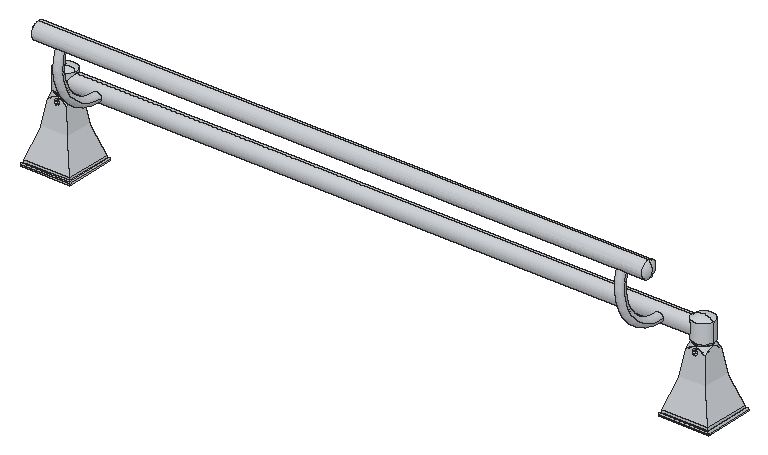
Revit family "Accessory-Towel_Bar-KOHLER-MEMOIRS-K-37355T", category Specialty Equipment, host Face, Revit 2017
Family settings
  Host = Face
  Round Connector Dimension = Use Diameter
  Part Type = Normal
  OmniClass Number = 23.31.25.25
  OmniClass Title = Towel Bars
  Cut with Voids When Loaded = No
  Shared = No
  Room Calculation Point = No
Parameters (values of type "CP-Polished Chrome")
  Width = 25.47244"  # constant formula
  WaterSense Certified = 1 = 0  # no
  URL = "http://www.kohler.com.cn/"
  Type = 1
  Product Page URL = "https://www.kohler.com.cn/product/K-37355T-CP/K-37355T-CP/"
  Product Name = "MEMOIRS"  # constant formula
  Product Documentation Link = "https://files.kohler.com.cn/pdfs/k_37352t_35355t.pdf"
  Model = if(Type = 1, "K-37355T-CP", if(Type = 2, "K- 37355T-AF", if(Type = 3, "K-37355T-BN", if(Type = 4, "K-37355T-RGD", if(Type = 5, "K-37355T-BL", "NA")))))  # "K-37355T-CP"
  Material = "Premium Metal Construction"  # constant formula
  Master Format 2014 Name = "Toilet, Bath, and Laundry Accessories"  # constant formula
  Master Format 2014 = "10 28 00"  # constant formula
  Manufacturer Address = "Kohler Beijing Office (100016)36-2-03-B, No. 88, Liuxiang Road, Beijing"  # constant formula
  Manufacturer = "KOHLER Co."  # constant formula
  Length = 5.74803"  # constant formula
  Height = 3.11024"  # constant formula
  Finish = Kohler-Metal-CP-Polished_Chrome
  Environmental Product Declaration = ""
  Description = "24 INCH DOUBLE TOWEL BAR"  # constant formula
  Default Elevation = 42"
  Declare Label = ""
  Date Modified = "09/05/2020"  # constant formula
  Date Created = "09/05/2020"  # constant formula
  Copyright = "Copyright KOHLER Co."  # constant formula
  Contact Us = "https://www.us.kohler.com/us/static/contact.jsp"
  Assembly Code = "C1030200"
  ADA Compliant = 1 = 0  # no
Types (6): name | Type | Product Page URL | Model | Finish | Default Elevation | Contact Us
  (no name) | 1 | "https://www.kohler.com.cn/product/K-37355T-CP/K-37355T-CP/" | "K-37355T-CP" | Kohler-Metal-CP-Polished_Chrome | 42" | "https://www.us.kohler.com/us/static/contact.jsp"
  CP-Polished Chrome | 1 | "https://www.kohler.com.cn/product/K-37355T-CP/K-37355T-CP/" | "K-37355T-CP" | Kohler-Metal-CP-Polished_Chrome | 42" | "https://www.us.kohler.com/us/static/contact.jsp"
  AF-Flange Gold | 2 | "https://www.kohler.com.cn/product/K-37355T-CP/K-37355T-AF/" | "K- 37355T-AF" | Kohler-Metal-AF-Vibrant_French_Gold | 42" | "https://www.us.kohler.com/us/static/contact.jsp"
  BN-Roman Silver | 3 | "https://www.kohler.com.cn/product/K-37355T-CP/K-37355T-BN/" | "K-37355T-BN" | Kohler-Metal-BN-Vibrant_Brushed_Nickel | 42" | "https://www.us.kohler.com/us/static/contact.jsp"
  RGD-Rose Gold | 3 | "https://www.kohler.com.cn/product/K-37355T-CP/K-37355T-RGD/" | "K-37355T-BN" | Kohler-Metal-RGD-Polished_Rose_Gold | 36" | "http://www.kohler.com.cn/contact/contact-us/"
  BL-Primary Black | 5 | "https://www.kohler.com.cn/product/K-37355T-CP/K-37355T-BL/" | "K-37355T-BL" | Kohler-Metal-BL-Matte_Black | 42" | "https://www.us.kohler.com/us/static/contact.jsp"
Reference planes (in)
  plane 1 "Center (Front/Back)": y = 0
  plane 2: z = 0
  plane 3 "Center (Left/Right)": x = 0
  plane 4: x = -12.73602
  plane 5: x = -11.81102
  plane 6: x = 11.81102
  plane 7: x = 12.73642
  plane 8: y = -2.18544
  plane 9: y = 0.92479
  plane 10: x = -10.88602
  plane 11: y = -0.925
  plane 12: y = 0.925
  plane 13: z = 5.74803
  plane 14: y = -0.925
  plane 15: x = -10.88602
  plane 16: x = 10.88602
Dimensions and locks (in)
  plane 5 to plane 6 = 23.62205"
  "Width": plane 4 to plane 7
  "Height": plane 9 to plane 8
  locked: plane 4 to plane 10 at 1.85
  locked: plane 11 to plane 12 at 1.85
  "Length": plane 13 to level
  aligned and locked: plane 2 to host face
  aligned and locked: level to host face
Automatic sketch dimensions
  host sketch curve to host sketch curve = 96"  (x2)
Nested families (in)
  nested 1: "K-37355T" at (0, 0, 0), type "K-37355T"
Definition of nested family "K-37355T"
  Parameters (values of type "K-37355T")
    Material = none
  Reference planes (in)
    plane 1 "Center (Front/Back)": y = 0
    plane 2: z = 0
    plane 3 "Center (Left/Right)": x = 0
    plane 4: x = -12.73602
    plane 5: x = 12.73602
    plane 6 "Left Plane": x = -11.81102
    plane 7 "Right plane": x = 11.81102
    plane 8: y = 0.925
    plane 9: y = -2.18544
    plane 10: y = -0.925
    plane 11: x = -10.88602
    plane 12: z = 5.74803
    plane 13 "plane3": x = -10.39701
    plane 14 "Plane4": y = -1.88393
  Forms (in)
    Sweep 1, solid, material <- "Material", detail levels medium+fine
      path origin (0, 0, 0) x (1, 0, 0) y (0, 1, 0)
        loop
          line (-12.73602, 0.925) -> (-12.73602, -0.925) -> (-10.88602, -0.925) -> (-10.88602, 0.925) -> (-12.73602, 0.925)
      profile origin (-11.81102, 0.925, 0) x (0, 1, 0) y (0, 0, 1)
        loop
          line (0, 0) -> (0, 0.04016)
          arc (0, 0.04016) -> (-0.00807, 0.07834) -> (-0.0309, 0.11) r 0.09439
          line (-0.0309, 0.11) -> (-0.08, 0.11) -> (-0.08, 0.19)
          arc (-0.08, 0.19) -> (-0.43277, 1.2708) -> (-0.565, 2.4) r 5.72494
          line (-0.565, 2.4) -> (-0.81932, 2.4) -> (-0.81932, 0) -> (0, 0)
    Revolve 2, void, detail levels medium+fine
      sketch origin (-11.81102, 0, 0) x (0, -1, 0) y (0, 0, 1)
        loop
          line (0.72406, 2.4) -> (0.36, 2.4)
          arc (0.36, 2.4) -> (0.50711, 2.18305) -> (0.72406, 2.03594) r 0.69572
          line (0.72406, 2.03594) -> (0.72406, 2.4)
        axis (0, 2.4) -> (0, 2.03594)
      angle from 0 to 360
    Extrusion 3, solid, material <- "Material", detail levels medium+fine
      sketch origin (0, 0, 0) x (1, 0, 0) y (0, 1, 0)
        loop
          line (-11.9167, 0.10568) -> (-11.9167, -0.10568) -> (-11.70534, -0.10568) -> (-11.70534, 0.10568) -> (-11.9167, 0.10568)
      from 0 to 2.4
    Revolve 4, solid, material <- "Material", detail levels medium+fine
      sketch origin (0, 0, 0) x (1, 0, 0) y (0, 0, 1)
        loop
          line (-11.81102, 2.4) -> (-11.81102, 3.30553)
          arc (-11.81102, 3.30553) -> (-12.01662, 3.2749) -> (-12.2047, 3.18637) r 0.71431
          line (-12.2047, 3.18637) -> (-12.2047, 2.49838) -> (-12.10632, 2.4) -> (-11.81102, 2.4)
        axis (-11.81102, 3.30553) -> (-11.81102, 2.4)
      angle from 0 to 360
    Revolve 5, solid, material <- "Material"
      sketch origin (0, 0, 0) x (1, 0, 0) y (0, 0, 1)
        loop
          line (-11.81102, 3.14339) -> (-11.81102, 2.83595) -> (0.39474, 2.83595) -> (11.81102, 2.83595) -> (11.81102, 3.14339) -> (-11.81102, 3.14339)
        axis (-11.81102, 2.83595) -> (11.81102, 2.83595)
      angle from 0 to 360
    Sweep 6, solid, material <- "Material"
      path origin (-10.39701, 0, 0) x (0, -1, 0) y (0, 0, 1)
        loop
          arc (0.30207, 2.83237) -> (1.75141, 3.5755) -> (1.97501, 5.18883) r 1.76477
      profile origin (-10.39701, -1.75141, 3.5755) x (0, 0.815406, 0.57889) y (-1, 0, 0)
        loop
          circle (0, 0) r 0.16177
    Revolve 7, solid, material <- "Material", detail levels medium+fine
      sketch origin (0, -1.88393, 0) x (-1, 0, 0) y (0, 0, 1)
        loop
          line (11.29252, 5.73685) -> (-11.29252, 5.73685)
          arc (-11.29252, 5.73685) -> (-11.38495, 5.5936) -> (-11.41519, 5.42582) r 0.4348
          line (-11.41519, 5.42582) -> (11.41519, 5.42582)
          arc (11.41519, 5.42582) -> (11.38495, 5.5936) -> (11.29252, 5.73685) r 0.4348
        axis (11.41519, 5.42582) -> (-11.41519, 5.42582)
      angle from 0 to 360
    Revolve 8, void
      sketch origin (-11.81102, 0, 0) x (0, -1, 0) y (0, 0, 1)
        loop
          line (0.2257, 2.26821) -> (0.2257, 2.20002) -> (0.39451, 2.20002) -> (0.39451, 2.32455) -> (0.33817, 2.26821) -> (0.2257, 2.26821)
        axis (0.39451, 2.20002) -> (0.2257, 2.20002)
      angle from 0 to 360
    Sweep 9, solid, material <- "Material", detail levels medium+fine
      path origin (23.62205, 0, 0) x (1, 0, 0) y (0, 1, 0)
        loop
          line (-12.73602, 0.925) -> (-12.73602, -0.925) -> (-10.88602, -0.925) -> (-10.88602, 0.925) -> (-12.73602, 0.925)
      profile origin (11.81102, 0.925, 0) x (0, 1, 0) y (0, 0, 1)
        loop
          line (0, 0) -> (0, 0.04016)
          arc (0, 0.04016) -> (-0.00807, 0.07834) -> (-0.0309, 0.11) r 0.09439
          line (-0.0309, 0.11) -> (-0.08, 0.11) -> (-0.08, 0.19)
          arc (-0.08, 0.19) -> (-0.43277, 1.2708) -> (-0.565, 2.4) r 5.72494
          line (-0.565, 2.4) -> (-0.81932, 2.4) -> (-0.81932, 0) -> (0, 0)
    Revolve 10, void, detail levels medium+fine
      sketch origin (11.81102, 0, 0) x (0, -1, 0) y (0, 0, 1)
        loop
          line (0.72406, 2.4) -> (0.36, 2.4)
          arc (0.36, 2.4) -> (0.50711, 2.18305) -> (0.72406, 2.03594) r 0.69572
          line (0.72406, 2.03594) -> (0.72406, 2.4)
        axis (0, 2.4) -> (0, 2.03594)
      angle from 0 to 360
    Extrusion 11, solid, material <- "Material", detail levels medium+fine
      sketch origin (23.62205, 0, 0) x (1, 0, 0) y (0, 1, 0)
        loop
          line (-11.9167, 0.10568) -> (-11.9167, -0.10568) -> (-11.70534, -0.10568) -> (-11.70534, 0.10568) -> (-11.9167, 0.10568)
      from 0 to 2.4
    Revolve 12, solid, material <- "Material", detail levels medium+fine
      sketch origin (23.62205, 0, 0) x (1, 0, 0) y (0, 0, 1)
        loop
          line (-11.81102, 2.4) -> (-11.81102, 3.30553)
          arc (-11.81102, 3.30553) -> (-12.01662, 3.2749) -> (-12.2047, 3.18637) r 0.71431
          line (-12.2047, 3.18637) -> (-12.2047, 2.49838) -> (-12.10632, 2.4) -> (-11.81102, 2.4)
        axis (-11.81102, 3.30553) -> (-11.81102, 2.4)
      angle from 0 to 360
    Revolve 13, void
      sketch origin (11.81102, 0, 0) x (0, -1, 0) y (0, 0, 1)
        loop
          line (0.2257, 2.26821) -> (0.2257, 2.20002) -> (0.39451, 2.20002) -> (0.39451, 2.32455) -> (0.33817, 2.26821) -> (0.2257, 2.26821)
        axis (0.39451, 2.20002) -> (0.2257, 2.20002)
      angle from 0 to 360
    Sweep 14, solid, material <- "Material"
      path origin (10.39701, 0, 0) x (0, -1, 0) y (0, 0, -1)
        loop
          arc (0.30207, -2.83237) -> (1.75141, -3.5755) -> (1.97501, -5.18883) r 1.76477
      profile origin (10.39701, -1.75141, 3.5755) x (0, -0.815406, -0.57889) y (1, 0, 0)
        loop
          circle (0, 0) r 0.16177
    Blend 15, solid, material <- "Material", detail levels coarse
      base sketch origin (0, 0, 0) x (1, 0, 0) y (0, 1, 0)
        loop
          line (-12.73616, 0.92514) -> (-12.73616, -0.92514) -> (-10.88588, -0.92514) -> (-10.88588, 0.92514) -> (-12.73616, 0.92514)
      top sketch origin (0, 0, 0) x (1, 0, 0) y (0, 1, 0)
        loop
          line (-12.23257, 0.42155) -> (-12.23257, -0.42155) -> (-11.38947, -0.42155) -> (-11.38947, 0.42155) -> (-12.23257, 0.42155)
      from 0 to 2.4
    Revolve 16, solid, material <- "Material", detail levels coarse
      sketch origin (0, 0, 0) x (1, 0, 0) y (0, 0, 1)
        loop
          line (-11.81102, 2.4) -> (-11.81102, 3.30684) -> (-12.2047, 3.30684) -> (-12.2047, 2.4) -> (-11.81102, 2.4)
        axis (-11.81102, 2.4) -> (-11.81102, 3.30684)
      angle from 0 to 360
    Extrusion 17, solid, material <- "Material", detail levels coarse
      sketch origin (-10.39701, 0, 0) x (0, -1, 0) y (0, 0, 1)
        loop
          circle (1.88393, 5.42582) r 0.31102
      from -22.20804 to 1.41401
    Sweep 18, solid, material <- "Material", detail levels coarse
      path origin (-10.39701, 0, 0) x (0, -1, 0) y (0, 0, 1)
        loop
          arc (1.97501, 5.18883) -> (1.76764, 3.56397) -> (0.30207, 2.83237) r 1.73887
      profile origin (-10.39701, -1.76764, 3.56397) x (0, -0.815406, -0.57889) y (-1, 0, 0)
        loop
          circle (0, 0) r 0.29845
    Blend 19, solid, material <- "Material", detail levels coarse
      base sketch origin (23.62205, 0, 0) x (1, 0, 0) y (0, 1, 0)
        loop
          line (-12.73616, 0.92514) -> (-12.73616, -0.92514) -> (-10.88588, -0.92514) -> (-10.88588, 0.92514) -> (-12.73616, 0.92514)
      top sketch origin (23.62205, 0, 0) x (1, 0, 0) y (0, 1, 0)
        loop
          line (-12.23257, 0.42155) -> (-12.23257, -0.42155) -> (-11.38947, -0.42155) -> (-11.38947, 0.42155) -> (-12.23257, 0.42155)
      from 0 to 2.4
    Revolve 20, solid, material <- "Material", detail levels coarse
      sketch origin (23.62205, 0, 0) x (1, 0, 0) y (0, 0, 1)
        loop
          line (-11.81102, 2.4) -> (-11.81102, 3.30684) -> (-12.2047, 3.30684) -> (-12.2047, 2.4) -> (-11.81102, 2.4)
        axis (-11.81102, 2.4) -> (-11.81102, 3.30684)
      angle from 0 to 360
    Sweep 21, solid, material <- "Material", detail levels coarse
      path origin (10.39701, 0, 0) x (0, -1, 0) y (0, 0, -1)
        loop
          arc (1.97501, -5.18883) -> (1.76764, -3.56397) -> (0.30207, -2.83237) r 1.73887
      profile origin (10.39701, -1.76764, 3.56397) x (0, 0.815406, 0.57889) y (1, 0, 0)
        loop
          circle (0, 0) r 0.29845
  Cuts and joins
    Revolve 2, Revolve 8, Revolve 10, Revolve 13 cuts Sweep 1
    Revolve 10, Revolve 13 cuts Extrusion 3
    joined: Sweep 1, Extrusion 3, Revolve 4
    Revolve 10, Revolve 13 cuts Sweep 9
    joined: Sweep 9, Extrusion 11, Revolve 12
    joined: Extrusion 17, Sweep 18, Sweep 21
    joined: Blend 15, Revolve 16
    joined: Blend 19, Revolve 20
  Lines and regions (in)
    Masking region 1
      outline origin (-10.39701, 0, 0) x (0, -1, 0) y (0, 0, 1)
        loop
          line (-0.92514, 0.04017) -> (-0.92514, 0.00009) -> (0.92514, 0.00009) -> (0.92514, 0.04017)
          spline (0.92514, 0.04017) -> (0.9246, 0.04729) -> (0.92364, 0.05433) -> (0.92227, 0.06123) -> (0.9205, 0.06795) -> (0.91835, 0.07443) -> (0.91582, 0.08064) -> (0.91294, 0.08653) -> (0.90973, 0.09206) -> (0.90621, 0.09718) -> (0.9024, 0.10187) -> (0.89833, 0.10609) -> (0.89403, 0.10981)
          line (0.89403, 0.10981) -> (0.845, 0.10981) -> (0.845, 0.19)
          arc (0.845, 0.19) -> (0.49223, 1.2708) -> (0.36, 2.4) r 5.72494
          line (0.36, 2.4) -> (0.29529, 2.4) -> (0.39371, 2.49841) -> (0.39371, 2.67209)
          arc (0.39371, 2.67209) -> (1.91198, 3.51385) -> (2.12994, 5.23612) r 1.91909
          arc (2.12994, 5.23612) -> (1.77301, 5.71635) -> (1.82754, 5.12049) r 0.31076
          arc (1.82754, 5.12049) -> (1.64226, 3.69951) -> (0.39367, 2.99626) r 1.60073
          line (0.39367, 2.99626) -> (0.39367, 3.18637)
          arc (0.39367, 3.18637) -> (-0.00002, 3.30478) -> (-0.39371, 3.18635) r 0.71362
          line (-0.39371, 3.18635) -> (-0.39371, 2.49841) -> (-0.29529, 2.4) -> (-0.36, 2.4)
          arc (-0.36, 2.4) -> (-0.49223, 1.2708) -> (-0.845, 0.19) r 5.72494
          line (-0.845, 0.19) -> (-0.845, 0.10981) -> (-0.89403, 0.10981)
          spline (-0.89403, 0.10981) -> (-0.89833, 0.10609) -> (-0.9024, 0.10187) -> (-0.90621, 0.09718) -> (-0.90973, 0.09206) -> (-0.91294, 0.08653) -> (-0.91582, 0.08064) -> (-0.91835, 0.07443) -> (-0.9205, 0.06795) -> (-0.92227, 0.06123) -> (-0.92364, 0.05433) -> (-0.9246, 0.04729) -> (-0.92514, 0.04017)
    Masking region 2
      outline origin (0, 0, 0) x (1, 0, 0) y (0, 1, 0)
        loop
          line (-12.73617, -0.925) -> (-10.88602, -0.925) -> (-10.88602, -0.30825) -> (-10.55893, -0.30825) -> (-10.55893, -1.573) -> (-11.2926, -1.573)
          arc (-11.2926, -1.573) -> (-11.41543, -1.87924) -> (-11.29252, -2.18544) r 0.44304
          line (-11.29252, -2.18544) -> (-10.51425, -2.18544)
          arc (-10.51425, -2.18544) -> (-10.39583, -2.23959) -> (-10.27742, -2.18544) r 0.15654
          line (-10.27742, -2.18544) -> (10.27742, -2.18544)
          arc (10.27742, -2.18544) -> (10.39583, -2.23959) -> (10.51425, -2.18544) r 0.15654
          line (10.51425, -2.18544) -> (11.29252, -2.18544)
          arc (11.29252, -2.18544) -> (11.41543, -1.87924) -> (11.2926, -1.573) r 0.44304
          line (11.2926, -1.573) -> (10.55893, -1.573) -> (10.55893, -0.30825) -> (10.88602, -0.30825) -> (10.88602, -0.925) -> (12.73617, -0.925) -> (12.73617, 0.925) -> (10.88602, 0.925) -> (10.88602, 0.30761) -> (-10.88602, 0.30761) -> (-10.88602, 0.925) -> (-12.73617, 0.925) -> (-12.73617, -0.925)
        loop
          line (-10.23561, -1.57167) -> (10.23561, -1.57167) -> (10.23561, -0.30684) -> (-10.23561, -0.30684) -> (-10.23561, -1.57167)
    Masking region 3
      outline origin (0, 0, 0) x (-1, 0, 0) y (0, 0, 1)
        loop
          line (12.65602, 0.10981) -> (12.65602, 0.19)
          arc (12.65602, 0.19) -> (12.30326, 1.2708) -> (12.17102, 2.4) r 5.72494
          line (12.17102, 2.4) -> (12.10632, 2.4) -> (12.2047, 2.49838) -> (12.2047, 3.18637)
          arc (12.2047, 3.18637) -> (11.81102, 3.30684) -> (11.41735, 3.18637) r 0.70347
          line (11.41735, 3.18637) -> (11.41735, 3.14344) -> (10.55866, 3.14344) -> (10.55866, 5.11474) -> (11.29246, 5.11474)
          arc (11.29246, 5.11474) -> (11.41741, 5.42578) -> (11.29252, 5.73685) r 0.44973
          line (11.29252, 5.73685) -> (-11.29252, 5.73685)
          arc (-11.29252, 5.73685) -> (-11.41741, 5.42578) -> (-11.29246, 5.11474) r 0.44973
          line (-11.29246, 5.11474) -> (-10.55866, 5.11474) -> (-10.55866, 3.14344) -> (-11.41735, 3.14344) -> (-11.41735, 3.18637)
          arc (-11.41735, 3.18637) -> (-11.81102, 3.30684) -> (-12.2047, 3.18637) r 0.70347
          line (-12.2047, 3.18637) -> (-12.2047, 2.49838) -> (-12.10632, 2.4) -> (-12.17102, 2.4)
          arc (-12.17102, 2.4) -> (-12.30326, 1.2708) -> (-12.65602, 0.19) r 5.72494
          line (-12.65602, 0.19) -> (-12.65602, 0.10981) -> (-12.70506, 0.10981)
          spline (-12.70506, 0.10981) -> (-12.70936, 0.10609) -> (-12.71342, 0.10187) -> (-12.71723, 0.09718) -> (-12.72076, 0.09206) -> (-12.72397, 0.08653) -> (-12.72685, 0.08064) -> (-12.72937, 0.07443) -> (-12.73152, 0.06795) -> (-12.73329, 0.06123) -> (-12.73466, 0.05433) -> (-12.73562, 0.04729) -> (-12.73616, 0.04017)
          line (-12.73616, 0.04017) -> (-12.73616, 0) -> (-10.88602, 0) -> (-10.88602, 0.04016)
          arc (-10.88602, 0.04016) -> (-10.89409, 0.07834) -> (-10.91692, 0.11) r 0.09439
          line (-10.91692, 0.11) -> (-10.96602, 0.11) -> (-10.96602, 0.19)
          arc (-10.96602, 0.19) -> (-11.31879, 1.2708) -> (-11.45102, 2.4) r 5.72494
          line (-11.45102, 2.4) -> (-11.51573, 2.4) -> (-11.41735, 2.49838) -> (-11.41093, 2.5286) -> (11.40982, 2.5286) -> (11.41735, 2.49838) -> (11.51573, 2.4) -> (11.45102, 2.4)
          arc (11.45102, 2.4) -> (11.31879, 1.2708) -> (10.96602, 0.19) r 5.72494
          line (10.96602, 0.19) -> (10.96602, 0.11) -> (10.91692, 0.11)
          arc (10.91692, 0.11) -> (10.89409, 0.07834) -> (10.88602, 0.04016) r 0.09439
          line (10.88602, 0.04016) -> (10.88602, 0) -> (12.73616, 0) -> (12.73616, 0.04017)
          spline (12.73616, 0.04017) -> (12.73562, 0.04729) -> (12.73466, 0.05433) -> (12.73329, 0.06123) -> (12.73152, 0.06795) -> (12.72937, 0.07443) -> (12.72685, 0.08064) -> (12.72397, 0.08653) -> (12.72076, 0.09206) -> (12.71723, 0.09718) -> (12.71342, 0.10187) -> (12.70936, 0.10609) -> (12.70506, 0.10981)
          line (12.70506, 0.10981) -> (12.65602, 0.10981)
        loop
          line (10.23524, 5.11646) -> (-10.23538, 5.11646) -> (-10.23538, 3.14344) -> (10.23524, 3.14344) -> (10.23524, 5.11646)
    symbolic lines, detail levels medium+fine
      curve 1: line (-10.39701, -0.39367, 2.99626) -> (-10.39701, -0.39367, 2.67208)
      curve 2: line (-10.39701, 0.29529, 2.4) -> (-10.39701, -0.29529, 2.4)
      curve 3: line (-10.39701, 0.39371, 2.49841) -> (-10.39701, -0.39371, 2.49841)
      curve 4: line (-10.39701, 0, 2.4) -> (-10.39701, 0.36861, 2.16928)
      curve 5: spline (-10.39701, -0.36861, 2.16928) -> (-10.39701, -0.3415, 2.19362) -> (-10.39701, -0.31364, 2.21711) -> (-10.39701, -0.28505, 2.23971) -> (-10.39701, -0.25577, 2.26141) -> (-10.39701, -0.22581, 2.28218) -> (-10.39701, -0.19522, 2.302) -> (-10.39701, -0.16402, 2.32086) -> (-10.39701, -0.13224, 2.33873) -> (-10.39701, -0.09992, 2.35559) -> (-10.39701, -0.06708, 2.37144) -> (-10.39701, -0.03377, 2.38624) -> (-10.39701, 0, 2.4)
      curve 6: line (-10.39701, 0.845, 0.19) -> (-10.39701, -0.845, 0.19)
      curve 7: line (-10.39701, -0.8941, 0.11) -> (-10.39701, 0.8941, 0.11)
      curve 8: arc (-10.39701, -1.82754, 5.12049) -> (-10.39701, -1.99536, 5.13483) -> (-10.39701, -2.12994, 5.23612) r 0.30474
      curve 9: line (12.65602, 0, 0.19) -> (10.96602, 0, 0.19)
      curve 10: line (12.65602, 0, 0.10981) -> (10.9661, 0, 0.10981)
      curve 11: spline (11.44242, 0, 2.16928) -> (11.46952, 0, 2.19362) -> (11.49739, 0, 2.21711) -> (11.52597, 0, 2.23971) -> (11.55526, 0, 2.26141) -> (11.58521, 0, 2.28218) -> (11.6158, 0, 2.302) -> (11.647, 0, 2.32086) -> (11.67878, 0, 2.33873) -> (11.7111, 0, 2.35559) -> (11.74394, 0, 2.37144) -> (11.77726, 0, 2.38624) -> (11.81102, 0, 2.4)
      curve 12: line (11.81102, 0, 2.4) -> (12.17963, 0, 2.16928)
      curve 13: line (12.10632, 0, 2.4) -> (11.51573, 0, 2.4)
      curve 14: arc (11.81102, 0, 2.13183) -> (11.74283, 0, 2.20002) -> (11.81102, 0, 2.26821) r 0.06819
      curve 15: arc (11.81102, 0, 2.26821) -> (11.87921, 0, 2.20002) -> (11.81102, 0, 2.13183) r 0.06819
      curve 16: spline (11.81102, 0, 2.29302) -> (11.83625, 0, 2.28944) -> (11.85971, 0, 2.2795) -> (11.87983, 0, 2.26387) -> (11.89524, 0, 2.24361) -> (11.90493, 0, 2.22007) -> (11.90823, 0, 2.19484) -> (11.90493, 0, 2.16961) -> (11.89524, 0, 2.14607) -> (11.87983, 0, 2.12581) -> (11.85971, 0, 2.11018) -> (11.83625, 0, 2.10025) -> (11.81102, 0, 2.09666)
      curve 17: spline (11.81102, 0, 2.09666) -> (11.78579, 0, 2.10025) -> (11.76233, 0, 2.11018) -> (11.74222, 0, 2.12581) -> (11.7268, 0, 2.14607) -> (11.71712, 0, 2.16961) -> (11.71381, 0, 2.19484) -> (11.71712, 0, 2.22007) -> (11.7268, 0, 2.24361) -> (11.74222, 0, 2.26387) -> (11.76233, 0, 2.2795) -> (11.78579, 0, 2.28944) -> (11.81102, 0, 2.29302)
      curve 18: line (11.29252, 0, 5.1148) -> (11.29252, 0, 5.73685)
      curve 19: line (12.2047, 0, 3.18637) -> (11.41735, 0, 3.18637)
      curve 20: line (12.2047, 0, 2.49838) -> (11.41735, 0, 2.49838)
      curve 21: line (-12.65602, 0, 0.19) -> (-10.96602, 0, 0.19)
      curve 22: line (-12.65602, 0, 0.10981) -> (-10.9661, 0, 0.10981)
      curve 23: spline (-11.44242, 0, 2.16928) -> (-11.46952, 0, 2.19362) -> (-11.49739, 0, 2.21711) -> (-11.52597, 0, 2.23971) -> (-11.55526, 0, 2.26141) -> (-11.58521, 0, 2.28218) -> (-11.6158, 0, 2.302) -> (-11.647, 0, 2.32086) -> (-11.67878, 0, 2.33873) -> (-11.7111, 0, 2.35559) -> (-11.74394, 0, 2.37144) -> (-11.77726, 0, 2.38624) -> (-11.81102, 0, 2.4)
      curve 24: line (-11.81102, 0, 2.4) -> (-12.17963, 0, 2.16928)
      curve 25: line (-12.10632, 0, 2.4) -> (-11.51573, 0, 2.4)
      curve 26: arc (-11.81102, 0, 2.13183) -> (-11.74283, 0, 2.20002) -> (-11.81102, 0, 2.26821) r 0.06819
      curve 27: arc (-11.81102, 0, 2.26821) -> (-11.87921, 0, 2.20002) -> (-11.81102, 0, 2.13183) r 0.06819
      curve 28: spline (-11.81102, 0, 2.29302) -> (-11.83625, 0, 2.28944) -> (-11.85971, 0, 2.2795) -> (-11.87983, 0, 2.26387) -> (-11.89524, 0, 2.24361) -> (-11.90493, 0, 2.22007) -> (-11.90823, 0, 2.19484) -> (-11.90493, 0, 2.16961) -> (-11.89524, 0, 2.14607) -> (-11.87983, 0, 2.12581) -> (-11.85971, 0, 2.11018) -> (-11.83625, 0, 2.10025) -> (-11.81102, 0, 2.09666)
      curve 29: spline (-11.81102, 0, 2.09666) -> (-11.78579, 0, 2.10025) -> (-11.76233, 0, 2.11018) -> (-11.74222, 0, 2.12581) -> (-11.7268, 0, 2.14607) -> (-11.71712, 0, 2.16961) -> (-11.71381, 0, 2.19484) -> (-11.71712, 0, 2.22007) -> (-11.7268, 0, 2.24361) -> (-11.74222, 0, 2.26387) -> (-11.76233, 0, 2.2795) -> (-11.78579, 0, 2.28944) -> (-11.81102, 0, 2.29302)
      curve 30: line (-12.2047, 0, 3.18637) -> (-11.41735, 0, 3.18637)
      curve 31: line (-12.2047, 0, 2.49838) -> (-11.41735, 0, 2.49838)
      curve 32: line (-11.29252, 0, 5.1148) -> (-11.29252, 0, 5.73685)
      curve 33: arc (11.41735, 0, 3.14344) -> (11.50081, 0, 3.03332) -> (11.5632, 0, 2.91003) r 0.76828
      curve 34: arc (11.5632, 0, 2.91003) -> (11.57712, 0, 2.8373) -> (11.5632, 0, 2.76458) r 0.19686
      curve 35: arc (11.41735, 0, 2.51807) -> (11.4999, 0, 2.63563) -> (11.5632, 0, 2.76458) r 0.92257
      curve 36: arc (-11.41735, 0, 3.14344) -> (-11.50081, 0, 3.03332) -> (-11.5632, 0, 2.91003) r 0.76828
      curve 37: arc (-11.5632, 0, 2.91003) -> (-11.57712, 0, 2.8373) -> (-11.5632, 0, 2.76458) r 0.19686
      curve 38: arc (-11.41735, 0, 2.51807) -> (-11.4999, 0, 2.63563) -> (-11.5632, 0, 2.76458) r 0.92257
      curve 39: line (-10.91692, 0.8941, 0) -> (-12.70513, 0.8941, 0)
      curve 40: line (-12.70513, -0.8941, 0) -> (-12.70513, 0.8941, 0)
      curve 41: line (-10.91692, 0.8941, 0) -> (-10.91692, -0.8941, 0)
      curve 42: line (-10.96602, -0.845, 0) -> (-10.96602, 0.845, 0)
      curve 43: line (-10.96602, 0.845, 0) -> (-12.65602, 0.845, 0)
      curve 44: line (-12.65602, 0.845, 0) -> (-12.65602, -0.845, 0)
      curve 45: spline (-12.70506, 0.89403, 0) -> (-12.71117, 0.90022, 0) -> (-12.71677, 0.90588, 0) -> (-12.7218, 0.91094, 0) -> (-12.72616, 0.91532, 0) -> (-12.72981, 0.91896, 0) -> (-12.73268, 0.9218, 0) -> (-12.73474, 0.92381, 0) -> (-12.73595, 0.92495, 0) -> (-12.73629, 0.92522, 0) -> (-12.73577, 0.92459, 0) -> (-12.73439, 0.92309, 0) -> (-12.73217, 0.92074, 0)
      curve 46: spline (-12.17963, 0.36861, 0) -> (-12.19444, 0.38376, 0) -> (-12.21515, 0.40474, 0) -> (-12.24171, 0.4315, 0) -> (-12.27407, 0.464, 0) -> (-12.31216, 0.50217, 0) -> (-12.35593, 0.54593, 0) -> (-12.40528, 0.59521, 0) -> (-12.46012, 0.64992, 0) -> (-12.52035, 0.70994, 0) -> (-12.58585, 0.77517, 0) -> (-12.65651, 0.84548, 0) -> (-12.73217, 0.92074, 0)
      curve 47: spline (-10.89028, 0.92115, 0) -> (-10.96554, 0.84548, 0) -> (-11.03585, 0.77483, 0) -> (-11.10108, 0.70933, 0) -> (-11.1611, 0.6491, 0) -> (-11.21581, 0.59426, 0) -> (-11.26509, 0.54491, 0) -> (-11.30886, 0.50114, 0) -> (-11.34702, 0.46304, 0) -> (-11.37952, 0.43068, 0) -> (-11.40628, 0.40413, 0) -> (-11.42726, 0.38342, 0) -> (-11.44242, 0.36861, 0)
      curve 48: spline (-10.89028, 0.92115, 0) -> (-10.88793, 0.92337, 0) -> (-10.88643, 0.92475, 0) -> (-10.88581, 0.92527, 0) -> (-10.88607, 0.92492, 0) -> (-10.88721, 0.92371, 0) -> (-10.88922, 0.92166, 0) -> (-10.89207, 0.91878, 0) -> (-10.89571, 0.91514, 0) -> (-10.90009, 0.91077, 0) -> (-10.90514, 0.90575, 0) -> (-10.91081, 0.90014, 0) -> (-10.91699, 0.89403, 0)
      curve 49: line (-10.91692, -0.8941, 0) -> (-12.70513, -0.8941, 0)
      curve 50: line (-12.65602, -0.845, 0) -> (-10.96602, -0.845, 0)
      curve 51: spline (-12.17963, -0.36861, 0) -> (-12.19401, -0.38266, 0) -> (-12.21373, -0.40212, 0) -> (-12.23875, -0.42693, 0) -> (-12.26903, -0.45707, 0) -> (-12.30452, -0.49247, 0) -> (-12.34514, -0.53308, 0) -> (-12.39084, -0.57883, 0) -> (-12.44153, -0.62963, 0) -> (-12.49713, -0.6854, 0) -> (-12.55753, -0.74604, 0) -> (-12.62264, -0.81145, 0) -> (-12.69235, -0.88151, 0)
      curve 52: spline (-12.69235, -0.88151, 0) -> (-12.69826, -0.88734, 0) -> (-12.70393, -0.89293, 0) -> (-12.7093, -0.89823, 0) -> (-12.71431, -0.90318, 0) -> (-12.71891, -0.90774, 0) -> (-12.72305, -0.91186, 0) -> (-12.72668, -0.91548, 0) -> (-12.72978, -0.91858, 0) -> (-12.73229, -0.92112, 0) -> (-12.73421, -0.92307, 0) -> (-12.73551, -0.92442, 0) -> (-12.73617, -0.92514, 0)
      curve 53: line (-10.96602, -0.845, 0) -> (-10.96602, 0.845, 0)
      curve 54: spline (-11.44242, -0.36861, 0) -> (-11.42836, -0.38299, 0) -> (-11.40891, -0.40271, 0) -> (-11.38409, -0.42773, 0) -> (-11.35395, -0.45801, 0) -> (-11.31855, -0.49349, 0) -> (-11.27794, -0.53412, 0) -> (-11.23219, -0.57982, 0) -> (-11.18139, -0.63051, 0) -> (-11.12562, -0.6861, 0) -> (-11.06498, -0.74651, 0) -> (-10.99957, -0.81162, 0) -> (-10.92951, -0.88132, 0)
      curve 55: spline (-10.92951, -0.88132, 0) -> (-10.92369, -0.88724, 0) -> (-10.9181, -0.89291, 0) -> (-10.9128, -0.89828, 0) -> (-10.90784, -0.90329, 0) -> (-10.90328, -0.90789, 0) -> (-10.89917, -0.91202, 0) -> (-10.89554, -0.91566, 0) -> (-10.89244, -0.91875, 0) -> (-10.88991, -0.92127, 0) -> (-10.88795, -0.92319, 0) -> (-10.88661, -0.92448, 0) -> (-10.88588, -0.92514, 0)
      curve 56: arc (-12.2047, 0, 0) -> (-11.81102, 0.39367, 0) -> (-11.41735, 0, 0) r 0.39367
      curve 57: arc (-11.41735, 0, 0) -> (-11.81102, -0.39367, 0) -> (-12.2047, 0, 0) r 0.39367
      curve 58: spline (-12.17963, 0.36861, 0) -> (-12.16335, 0.36776, 0) -> (-12.1468, 0.36697, 0) -> (-12.12997, 0.36621, 0) -> (-12.11287, 0.36549, 0) -> (-12.09552, 0.36482, 0) -> (-12.07791, 0.36419, 0) -> (-12.06005, 0.36361, 0) -> (-12.04195, 0.36307, 0) -> (-12.02362, 0.36257, 0) -> (-12.00506, 0.36211, 0) -> (-11.98628, 0.3617, 0) -> (-11.96728, 0.36134, 0)
      curve 59: line (-11.67279, 0.36861, 0) -> (-11.44242, 0.36861, 0)
      curve 60: line (-11.44242, 0.36861, 0) -> (-11.44242, 0.13824, 0)
      curve 61: line (-11.44242, -0.13824, 0) -> (-11.44242, -0.36861, 0)
      curve 62: line (-12.17963, 0.13824, 0) -> (-12.17963, 0.36861, 0)
      curve 63: spline (-12.17963, -0.36861, 0) -> (-12.17879, -0.35233, 0) -> (-12.17799, -0.33577, 0) -> (-12.17723, -0.31895, 0) -> (-12.17652, -0.30185, 0) -> (-12.17585, -0.2845, 0) -> (-12.17522, -0.26689, 0) -> (-12.17463, -0.24903, 0) -> (-12.17409, -0.23093, 0) -> (-12.17359, -0.2126, 0) -> (-12.17314, -0.19404, 0) -> (-12.17273, -0.17525, 0) -> (-12.17236, -0.15626, 0)
      curve 64: line (-11.94926, -0.36861, 0) -> (-12.17963, -0.36861, 0)
      curve 65: spline (-11.44242, -0.36861, 0) -> (-11.45869, -0.36776, 0) -> (-11.47525, -0.36697, 0) -> (-11.49208, -0.36621, 0) -> (-11.50917, -0.36549, 0) -> (-11.52653, -0.36482, 0) -> (-11.54414, -0.36419, 0) -> (-11.56199, -0.36361, 0) -> (-11.58009, -0.36307, 0) -> (-11.59843, -0.36257, 0) -> (-11.61699, -0.36211, 0) -> (-11.63577, -0.3617, 0) -> (-11.65477, -0.36134, 0)
      curve 66: line (-10.88602, 0.30761, 0) -> (-10.88602, -0.30825, 0)
      curve 67: line (12.70513, 0.8941, 0) -> (10.91692, 0.8941, 0)
      curve 68: spline (10.92951, 0.88132, 0) -> (10.92369, 0.88724, 0) -> (10.9181, 0.89291, 0) -> (10.9128, 0.89828, 0) -> (10.90784, 0.90329, 0) -> (10.90328, 0.90789, 0) -> (10.89917, 0.91202, 0) -> (10.89554, 0.91566, 0) -> (10.89244, 0.91875, 0) -> (10.88991, 0.92127, 0) -> (10.88795, 0.92319, 0) -> (10.88661, 0.92448, 0) -> (10.88588, 0.92514, 0)
      curve 69: line (10.91692, -0.8941, 0) -> (10.91692, 0.8941, 0)
      curve 70: line (12.65602, 0.845, 0) -> (10.96602, 0.845, 0)
      curve 71: line (10.96602, 0.845, 0) -> (10.96602, -0.845, 0)
      curve 72: spline (11.44242, 0.36861, 0) -> (11.42836, 0.38299, 0) -> (11.40891, 0.40271, 0) -> (11.38409, 0.42773, 0) -> (11.35395, 0.45801, 0) -> (11.31855, 0.49349, 0) -> (11.27794, 0.53412, 0) -> (11.23219, 0.57982, 0) -> (11.18139, 0.63051, 0) -> (11.12562, 0.6861, 0) -> (11.06498, 0.74651, 0) -> (10.99957, 0.81162, 0) -> (10.92951, 0.88132, 0)
      curve 73: spline (12.65602, 0.845, 0) -> (12.59145, 0.78011, 0) -> (12.53113, 0.71953, 0) -> (12.47516, 0.66336, 0) -> (12.42364, 0.61169, 0) -> (12.37664, 0.56461, 0) -> (12.33423, 0.52218, 0) -> (12.2965, 0.48447, 0) -> (12.26348, 0.45154, 0) -> (12.23525, 0.42345, 0) -> (12.21184, 0.40024, 0) -> (12.19329, 0.38195, 0) -> (12.17963, 0.36861, 0)
      curve 74: spline (12.73176, 0.92115, 0) -> (12.73412, 0.92337, 0) -> (12.73561, 0.92475, 0) -> (12.73624, 0.92527, 0) -> (12.73598, 0.92493, 0) -> (12.73484, 0.92372, 0) -> (12.73284, 0.92167, 0) -> (12.73, 0.91881, 0) -> (12.72637, 0.91517, 0) -> (12.722, 0.91081, 0) -> (12.71695, 0.9058, 0) -> (12.7113, 0.9002, 0) -> (12.70513, 0.8941, 0)
      curve 75: line (12.70513, 0.89437, 0) -> (12.70513, -0.8941, 0)
      curve 76: line (12.65602, -0.845, 0) -> (12.65602, 0.845, 0)
      curve 77: spline (12.73176, 0.92115, 0) -> (12.6565, 0.84548, 0) -> (12.58619, 0.77483, 0) -> (12.52097, 0.70933, 0) -> (12.46094, 0.6491, 0) -> (12.40624, 0.59426, 0) -> (12.35696, 0.54491, 0) -> (12.31319, 0.50114, 0) -> (12.27502, 0.46304, 0) -> (12.24253, 0.43068, 0) -> (12.21577, 0.40413, 0) -> (12.19479, 0.38342, 0) -> (12.17963, 0.36861, 0)
      curve 78: line (10.96602, -0.845, 0) -> (12.65602, -0.845, 0)
      curve 79: spline (11.44242, -0.36861, 0) -> (11.42803, -0.38266, 0) -> (11.40831, -0.40212, 0) -> (11.38329, -0.42693, 0) -> (11.35301, -0.45707, 0) -> (11.31753, -0.49247, 0) -> (11.27691, -0.53308, 0) -> (11.23121, -0.57883, 0) -> (11.18052, -0.62963, 0) -> (11.12492, -0.6854, 0) -> (11.06451, -0.74604, 0) -> (10.9994, -0.81145, 0) -> (10.9297, -0.88151, 0)
      curve 80: spline (12.17963, -0.36861, 0) -> (12.19444, -0.38376, 0) -> (12.21515, -0.40474, 0) -> (12.24171, -0.4315, 0) -> (12.27407, -0.464, 0) -> (12.31216, -0.50217, 0) -> (12.35593, -0.54593, 0) -> (12.40528, -0.59521, 0) -> (12.46012, -0.64992, 0) -> (12.52035, -0.70994, 0) -> (12.58585, -0.77517, 0) -> (12.65651, -0.84548, 0) -> (12.73217, -0.92074, 0)
      curve 81: line (12.70513, -0.8941, 0) -> (10.91692, -0.8941, 0)
      curve 82: spline (10.9297, -0.88151, 0) -> (10.92379, -0.88734, 0) -> (10.91812, -0.89293, 0) -> (10.91275, -0.89823, 0) -> (10.90774, -0.90318, 0) -> (10.90314, -0.90774, 0) -> (10.899, -0.91186, 0) -> (10.89536, -0.91548, 0) -> (10.89227, -0.91858, 0) -> (10.88975, -0.92112, 0) -> (10.88784, -0.92307, 0) -> (10.88654, -0.92442, 0) -> (10.88588, -0.92514, 0)
      curve 83: spline (12.70506, -0.89403, 0) -> (12.71117, -0.90022, 0) -> (12.71677, -0.90588, 0) -> (12.7218, -0.91094, 0) -> (12.72616, -0.91532, 0) -> (12.72981, -0.91896, 0) -> (12.73268, -0.9218, 0) -> (12.73474, -0.92381, 0) -> (12.73595, -0.92495, 0) -> (12.73629, -0.92522, 0) -> (12.73577, -0.92459, 0) -> (12.73439, -0.92309, 0) -> (12.73217, -0.92074, 0)
      curve 84: line (11.67279, -0.36861, 0) -> (11.44242, -0.36861, 0)
      curve 85: spline (12.17963, -0.36861, 0) -> (12.16335, -0.36776, 0) -> (12.1468, -0.36697, 0) -> (12.12997, -0.36621, 0) -> (12.11287, -0.36549, 0) -> (12.09552, -0.36482, 0) -> (12.07791, -0.36419, 0) -> (12.06005, -0.36361, 0) -> (12.04195, -0.36307, 0) -> (12.02362, -0.36257, 0) -> (12.00506, -0.36211, 0) -> (11.98628, -0.3617, 0) -> (11.96728, -0.36134, 0)
      curve 86: arc (12.2047, 0, 0) -> (11.81102, -0.39367, 0) -> (11.41735, 0, 0) r 0.39367
      curve 87: line (11.44242, 0.13824, 0) -> (11.44242, 0.36861, 0)
      curve 88: spline (11.44242, 0.36861, 0) -> (11.45869, 0.36776, 0) -> (11.47525, 0.36697, 0) -> (11.49208, 0.36621, 0) -> (11.50917, 0.36549, 0) -> (11.52653, 0.36482, 0) -> (11.54414, 0.36419, 0) -> (11.56199, 0.36361, 0) -> (11.58009, 0.36307, 0) -> (11.59843, 0.36257, 0) -> (11.61699, 0.36211, 0) -> (11.63577, 0.3617, 0) -> (11.65477, 0.36134, 0)
      curve 89: line (11.94926, 0.36861, 0) -> (12.17963, 0.36861, 0)
      curve 90: line (12.17963, 0.36861, 0) -> (12.17963, 0.13824, 0)
      curve 91: line (12.17963, -0.13824, 0) -> (12.17963, -0.36861, 0)
      curve 92: arc (11.41735, 0, 0) -> (11.81102, 0.39367, 0) -> (12.2047, 0, 0) r 0.39367
      curve 93: spline (11.44242, -0.36861, 0) -> (11.44326, -0.35233, 0) -> (11.44406, -0.33577, 0) -> (11.44481, -0.31895, 0) -> (11.44553, -0.30185, 0) -> (11.4462, -0.2845, 0) -> (11.44683, -0.26689, 0) -> (11.44742, -0.24903, 0) -> (11.44796, -0.23093, 0) -> (11.44846, -0.2126, 0) -> (11.44891, -0.19404, 0) -> (11.44932, -0.17525, 0) -> (11.44969, -0.15626, 0)
      curve 94: line (-10.55893, -1.573, 0) -> (-10.22955, -1.573, 0)
      curve 95: line (-10.51425, -2.18544, 0) -> (-10.27742, -2.18544, 0)
      curve 96: line (10.51425, -2.18544, 0) -> (10.27742, -2.18544, 0)
      curve 97: line (10.55893, -1.573, 0) -> (10.23561, -1.57167, 0)
      curve 98: line (-10.55893, -0.30825, 0) -> (-10.23561, -0.30684, 0)
      curve 99: line (10.55893, -0.30825, 0) -> (10.23561, -0.30684, 0)
      curve 100: line (-10.23538, 0, 3.14344) -> (-10.55866, 0, 3.14344)
      curve 101: arc (-10.23538, 0, 5.11474) -> (-10.39689, 0, 5.1527) -> (-10.5588, 0, 5.11646) r 0.371
      curve 102: line (10.23538, 0, 3.14344) -> (10.55866, 0, 3.14344)
      curve 103: arc (10.23538, 0, 5.11474) -> (10.39689, 0, 5.1527) -> (10.5588, 0, 5.11646) r 0.371
      curve 104: line (-10.39701, 0.39367, 3.18637) -> (-10.39701, -0.39367, 3.18637)
  Dimensions and locks (in)
    locked: plane 4 to plane 5 at 25.47205
    locked: plane 6 "Left Plane" to plane 7 "Right plane" at 23.62205
    locked: plane 8 to plane 10 at 1.85
    locked: plane 4 to plane 11 at 1.85
    locked: plane 8 to plane 9 at 3.11044
    locked: plane 12 to level at 5.74803
    aligned and locked: plane 2 to level
